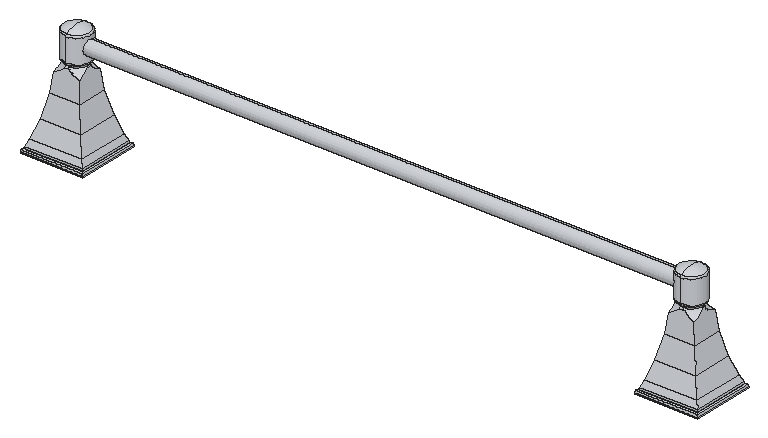
Revit family "Accessory-Towel_Bar-KOHLER-MEMOIRS-K-485T_1", category Specialty Equipment, host Face, Revit 2017
Family settings
  Host = Face
  Round Connector Dimension = Use Diameter
  Part Type = Normal
  OmniClass Number = 23.31.25.25
  OmniClass Title = Towel Bars
  Cut with Voids When Loaded = No
  Shared = No
  Room Calculation Point = No
Parameters (values of type "CP-Polished Chrome")
  Width = 18"  # constant formula
  WaterSense Certified = 1 = 0  # no
  URL = "http://www.kohler.com.cn/en/"
  Type = 1
  Product Page URL = "http://www.kohler.com.cn/product/K-485T-CP/K-485T-CP/"
  Product Name = "MEMOIRS"  # constant formula
  Product Documentation Link = "http://files.kohler.com.cn/pdfs/memoirs_acc.pdf"
  Model = if(Type = 1, "K-485T-CP", if(Type = 2, "K-485T-AF", if(Type = 3, "K-485T-BN", if(Type = 4, "K-485T-RGD", "NA"))))  # "K-485T-CP"
  Material = "Solid-brass construction"  # constant formula
  Master Format 2014 Name = "Toilet, Bath, and Laundry Accessories"  # constant formula
  Master Format 2014 = "10 28 00"  # constant formula
  Manufacturer Address = "158 Jiangchang 3rd Road Zhabei District Shanghai, 200436 China"  # constant formula
  Manufacturer = "KOHLER Co."  # constant formula
  Length = 3 5/16"  # constant formula
  Height = 1 27/32"  # constant formula
  Finish = Kohler-Metal-CP-Polished_Chrome
  Environmental Product Declaration = ""
  Description = "18 inch TOWEL BAR"  # constant formula
  Default Elevation = 42"
  Declare Label = ""
  Date Modified = "06/11/2020"  # constant formula
  Date Created = "06/11/2020"  # constant formula
  Copyright = "Copyright KOHLER Co."  # constant formula
  Contact Us = "http://www.kohler.com.cn/en/contact/contact-us/"
  Assembly Code = "C1030200"
  ADA Compliant = 1 = 0  # no
Types (5): name | Type | Product Page URL | Model | Finish
  (no name) | 1 | "http://www.kohler.com.cn/product/K-485T-CP/K-485T-CP/" | "K-485T-CP" | Kohler-Metal-CP-Polished_Chrome
  CP-Polished Chrome | 1 | "http://www.kohler.com.cn/product/K-485T-CP/K-485T-CP/" | "K-485T-CP" | Kohler-Metal-CP-Polished_Chrome
  AF-Flange Gold | 2 | "http://www.kohler.com.cn/product/K-485T-CP/K-485T-AF/" | "K-485T-AF" | Kohler-Metal-AF-Flange_Gold
  BN-Roman Silver | 3 | "http://www.kohler.com.cn/product/K-485T-CP/K-485T-BN/" | "K-485T-BN" | Kohler-Metal-BN-Roman_Silver
  RGD-Rose Gold | 4 | "http://www.kohler.com.cn/product/K-485T-CP/K-485T-RGD/" | "K-485T-RGD" | Kohler-Metal-RGD-Rose_Gold
Reference planes (in)
  plane 1 "Center (Front/Back)": y = 0
  plane 2: z = 0
  plane 3 "Center (Left/Right)": x = 0
  plane 4: y = 0.921875
  plane 5: y = -0.921875
  plane 6: x = -9.921875
  plane 7: x = -9
  plane 8: x = -8.078125
  plane 9: x = 9.921875
  plane 10: x = 9
  plane 11: x = 8.078125
  plane 12: z = 2.84375
  plane 13: z = 3.3125
  plane 14: y = 0.2189998
  plane 15: y = -0.2189998
  plane 16: z = 3.0627498
  plane 17: z = 2.6247502
  plane 18: z = 0.1094841
  plane 19: z = 2.3388088
Dimensions and locks (in)
  "Height": plane 5 to plane 4
  plane 6 to plane 8 = 1 27/32"
  plane 11 to plane 9 = 1 27/32"
  plane 12 to plane 2 = 2 27/32"
  plane 6 to plane 9 = 19 27/32"
  "Length": plane 13 to level
  "Width": plane 7 to plane 10
  locked: plane 9 to plane 6 at 19.84375
  aligned and locked: plane 2 to host face
  aligned and locked: level to host face
Automatic sketch dimensions
  host sketch curve to host sketch curve = 96"  (x2)
Nested families (in)
  nested 1: "K-485T" at (0, 0, 0), type "K-485T"
Definition of nested family "K-485T"
  Parameters (values of type "K-485T")
    Material = none
  Reference planes (in)
    plane 1 "Center (Front/Back)": y = 0
    plane 2: z = 0
    plane 3 "Center (Left/Right)": x = 0
    plane 4: z = 3.3125
    plane 5: x = -9
    plane 6: x = 9
    plane 7: x = -9.921875
    plane 8: y = 0.921875
    plane 9: z = 2.84375
    plane 10: x = -8.078125
    plane 11: x = 9.921875
    plane 12: x = 8.078125
    plane 13: y = -0.921875
  Forms (in)
    Sweep 1, solid, material <- "Material", detail levels medium+fine
      path origin (-9, 0, 0) x (1, 0, 0) y (0, 1, 0)
        loop
          line (-0.9375, 0.9375) -> (-0.9375, -0.9375) -> (0.9375, -0.9375) -> (0.9375, 0.9375) -> (-0.9375, 0.9375)
      profile origin (-9, 0.9375, 0) x (0, 1, 0) y (0, 0, 1)
        loop
          line (-0.015625, 0) -> (-0.015625, 0.0308228)
          arc (-0.015625, 0.0308228) -> (-0.0194042, 0.0625511) -> (-0.0305302, 0.0925039) r 0.1350774
          arc (-0.0305302, 0.0925039) -> (-0.0420434, 0.1049033) -> (-0.0583319, 0.1094841) r 0.03125
          line (-0.0583319, 0.1094841) -> (-0.0924999, 0.1094841) -> (-0.0924999, 0.1604858)
          arc (-0.0924999, 0.1604858) -> (-0.1323988, 0.2596282) -> (-0.1720269, 0.3588791) r 39.1568854
          arc (-0.1720269, 0.3588791) -> (-0.2640609, 0.6082146) -> (-0.3435635, 0.861824) r 5.3351777
          arc (-0.3435635, 0.861824) -> (-0.429626, 1.199728) -> (-0.4956288, 1.5421158) r 5.9152255
          arc (-0.4956288, 1.5421158) -> (-0.5464824, 1.9235867) -> (-0.5755753, 2.307331) r 6.7692959
          arc (-0.5755753, 2.307331) -> (-0.5857733, 2.3296774) -> (-0.6085763, 2.3388088) r 0.0330378
          line (-0.6085763, 2.3388088) -> (-0.6470109, 2.3388088) -> (-0.6470109, 0) -> (-0.015625, 0)
    Extrusion 2, solid, material <- "Material", detail levels medium+fine
      sketch origin (-9, 0, 0) x (1, 0, 0) y (0, 1, 0)
        loop
          line (-0.2904891, 0.2904891) -> (-0.2904891, -0.2904891) -> (0.2904891, -0.2904891) -> (0.2904891, 0.2904891) -> (-0.2904891, 0.2904891)
      from 0 to 2.3388088
    Revolve 3, solid, material <- "Material", detail levels medium+fine
      sketch origin (-9, 0, 0) x (0, 1, 0) y (0, 0, 1)
        loop
          line (0, 3.3125) -> (0, 2.3388088) -> (0.3159476, 2.3388088) -> (0.389461, 2.4264186)
          arc (0.389461, 2.4264186) -> (0.3972832, 2.4399671) -> (0.3999999, 2.4553739) r 0.0450464
          line (0.3999999, 2.4553739) -> (0.3999999, 3.1516697)
          arc (0.3999999, 3.1516697) -> (0.3930351, 3.1792993) -> (0.3738054, 3.2003259) r 0.0582867
          arc (0.3738054, 3.2003259) -> (0.1951368, 3.2838521) -> (0, 3.3125) r 0.6789156
        axis (0, 2.3388088) -> (0, 3.3125)
      angle from 0 to 360
    Extrusion 4, void
      sketch origin (-8.53125, 0.46875, 0) x (-0.707107, 0.707107, 0) y (0, 0, 1)
        loop
          line (-0.2662834, 2.3388088) -> (-0.6544034, 2.3388088) -> (-0.6544034, 2.0159477)
          arc (-0.6544034, 2.0159477) -> (-0.4423434, 2.1557399) -> (-0.2662834, 2.3388088) r 1.1459986
      from -0.9209866 to -0.3059403
    Extrusion 5, void
      sketch origin (-8.53125, 0.46875, 0) x (-0.707107, 0.707107, 0) y (0, 0, 1)
        loop
          arc (0.2681711, 2.3388088) -> (0.412761, 2.1551696) -> (0.6275326, 2.0629592) r 0.4739714
          line (0.6275326, 2.0629592) -> (0.6275326, 2.3388088) -> (0.2681711, 2.3388088)
      from -0.991863 to -0.3245184
    Extrusion 6, void
      sketch origin (-8.53125, -0.46875, 0) x (0.707107, 0.707107, 0) y (0, 0, 1)
        loop
          arc (0.2785653, 2.3388088) -> (0.4199105, 2.1538072) -> (0.634294, 2.0630118) r 0.4547203
          line (0.634294, 2.0630118) -> (0.634294, 2.3388088) -> (0.2785653, 2.3388088)
      from -1.0229913 to 0.1259123
    Extrusion 7, void
      sketch origin (-8.53125, -0.46875, 0) x (-0.707107, -0.707107, 0) y (0, 0, -1)
        loop
          line (0.2785653, -2.3388088) -> (0.634294, -2.3388088) -> (0.634294, -2.0630118)
          arc (0.634294, -2.0630118) -> (0.4199105, -2.1538072) -> (0.2785653, -2.3388088) r 0.4547203
      from -1.0229913 to 0.1259123
    Sweep 8, solid, material <- "Material", detail levels medium+fine
      path origin (9, 0, 0) x (-1, 0, 0) y (0, 1, 0)
        loop
          line (-0.9375, 0.9375) -> (-0.9375, -0.9375) -> (0.9375, -0.9375) -> (0.9375, 0.9375) -> (-0.9375, 0.9375)
      profile origin (9, 0.9375, 0) x (0, -1, 0) y (0, 0, 1)
        loop
          line (0.015625, 0) -> (0.6470109, 0) -> (0.6470109, 2.3388088) -> (0.6085763, 2.3388088)
          arc (0.6085763, 2.3388088) -> (0.5857733, 2.3296774) -> (0.5755753, 2.307331) r 0.0330378
          arc (0.5755753, 2.307331) -> (0.5464824, 1.9235867) -> (0.4956288, 1.5421158) r 6.7692959
          arc (0.4956288, 1.5421158) -> (0.429626, 1.199728) -> (0.3435635, 0.861824) r 5.9152255
          arc (0.3435635, 0.861824) -> (0.2640609, 0.6082146) -> (0.1720269, 0.3588791) r 5.3351777
          arc (0.1720269, 0.3588791) -> (0.1323988, 0.2596282) -> (0.0924999, 0.1604858) r 39.1568854
          line (0.0924999, 0.1604858) -> (0.0924999, 0.1094841) -> (0.0583319, 0.1094841)
          arc (0.0583319, 0.1094841) -> (0.0420434, 0.1049033) -> (0.0305302, 0.0925039) r 0.03125
          arc (0.0305302, 0.0925039) -> (0.0194042, 0.0625511) -> (0.015625, 0.0308228) r 0.1350774
          line (0.015625, 0.0308228) -> (0.015625, 0)
    Extrusion 9, solid, material <- "Material", detail levels medium+fine
      sketch origin (9, 0, 0) x (-1, 0, 0) y (0, -1, 0)
        loop
          line (-0.2904891, -0.2904891) -> (0.2904891, -0.2904891) -> (0.2904891, 0.2904891) -> (-0.2904891, 0.2904891) -> (-0.2904891, -0.2904891)
      from 0 to 2.3388088
    Revolve 10, solid, material <- "Material", detail levels medium+fine
      sketch origin (9, 0, 0) x (0, 1, 0) y (0, 0, -1)
        loop
          arc (0, -3.3125) -> (0.1952443, -3.2838198) -> (0.3739927, -3.2002023) r 0.6789156
          arc (0.3739927, -3.2002023) -> (0.3930852, -3.1793154) -> (0.3999999, -3.1518749) r 0.0579054
          line (0.3999999, -3.1518749) -> (0.3999999, -2.4556562)
          arc (0.3999999, -2.4556562) -> (0.3972364, -2.4399841) -> (0.3892795, -2.4262023) r 0.0458222
          line (0.3892795, -2.4262023) -> (0.3159476, -2.3388088) -> (0, -2.3388088) -> (0, -3.3125)
        axis (0, -2.3388088) -> (0, -3.3125)
      angle from 0 to 360
    Extrusion 11, void
      sketch origin (8.53125, 0.46875, 0) x (0.707107, 0.707107, 0) y (0, 0, -1)
        loop
          arc (-0.2662834, -2.3388088) -> (-0.4423434, -2.1557399) -> (-0.6544034, -2.0159477) r 1.1459986
          line (-0.6544034, -2.0159477) -> (-0.6544034, -2.3388088) -> (-0.2662834, -2.3388088)
      from -0.9209866 to -0.3059403
    Extrusion 12, void
      sketch origin (8.53125, 0.46875, 0) x (0.707107, 0.707107, 0) y (0, 0, -1)
        loop
          line (0.2681711, -2.3388088) -> (0.6275326, -2.3388088) -> (0.6275326, -2.0629592)
          arc (0.6275326, -2.0629592) -> (0.412761, -2.1551696) -> (0.2681711, -2.3388088) r 0.4739714
      from -0.991863 to -0.3245184
    Extrusion 13, void
      sketch origin (8.53125, -0.46875, 0) x (-0.707107, 0.707107, 0) y (0, 0, -1)
        loop
          line (0.2785653, -2.3388088) -> (0.634294, -2.3388088) -> (0.634294, -2.0630118)
          arc (0.634294, -2.0630118) -> (0.4199105, -2.1538072) -> (0.2785653, -2.3388088) r 0.4547203
      from -1.0229913 to 0.1259123
    Extrusion 14, void
      sketch origin (8.53125, -0.46875, 0) x (0.707107, -0.707107, 0) y (0, 0, 1)
        loop
          arc (0.2785653, 2.3388088) -> (0.4199105, 2.1538072) -> (0.634294, 2.0630118) r 0.4547203
          line (0.634294, 2.0630118) -> (0.634294, 2.3388088) -> (0.2785653, 2.3388088)
      from -1.0229913 to 0.1259123
    Revolve 15, solid, material <- "Material", detail levels medium+fine
      sketch origin (0, 0, 0) x (1, 0, 0) y (0, 0, 1)
        loop
          line (-8.7067798, 3.0627498) -> (-8.7067798, 2.84375) -> (8.7067798, 2.84375) -> (8.7067798, 3.0627498) -> (-8.7067798, 3.0627498)
        axis (8.7067798, 2.84375) -> (-8.7067798, 2.84375)
      angle from 0 to 360
    Extrusion 16, solid, material <- "Material", detail levels coarse
      sketch origin (0, 0, 0) x (1, 0, 0) y (0, 1, 0)
        loop
          line (9.921875, 0.921875) -> (8.078125, 0.921875) -> (8.078125, -0.921875) -> (9.921875, -0.921875) -> (9.921875, 0.921875)
        loop
          line (-8.078125, 0.921875) -> (-9.921875, 0.921875) -> (-9.921875, -0.921875) -> (-8.078125, -0.921875) -> (-8.078125, 0.921875)
      from 0 to 2.3388088
    Extrusion 17, solid, material <- "Material", detail levels coarse
      sketch origin (0, 0, 0) x (1, 0, 0) y (0, 1, 0)
        loop
          circle (-9, 0) r 0.3999999
        loop
          circle (9, 0) r 0.3999999
      from 2.3388088 to 3.3125
    Extrusion 18, solid, material <- "Material", detail levels coarse
      sketch origin (0, 0, 0) x (0, 1, 0) y (0, 0, 1)
        loop
          circle (0, 2.84375) r 0.2189998
      from -9 to 9
  Cuts and joins
    Extrusion 4, Extrusion 5, Extrusion 6, Extrusion 7, Extrusion 11, Extrusion 12, Extrusion 13, Extrusion 14 cuts Sweep 1
    Extrusion 4, Extrusion 5, Extrusion 6, Extrusion 7, Extrusion 11, Extrusion 12, Extrusion 13, Extrusion 14 cuts Extrusion 2
    Extrusion 11, Extrusion 12, Extrusion 13, Extrusion 14 cuts Revolve 3
    Extrusion 11, Extrusion 12, Extrusion 13, Extrusion 14 cuts Sweep 8
    Extrusion 11, Extrusion 12, Extrusion 13, Extrusion 14 cuts Extrusion 9
    Extrusion 11 cuts Revolve 10
    joined: Sweep 1, Extrusion 2, Revolve 3, Sweep 8, Extrusion 9, Revolve 10, Revolve 15
    joined: Extrusion 16, Extrusion 17, Extrusion 18
  Lines and regions (in)
    Masking region 1
      outline origin (0, 0, 0) x (1, 0, 0) y (0, 0, 1)
        loop
          line (9.921875, 0) -> (9.921875, 0.0308228)
          arc (9.921875, 0.0308228) -> (9.9154153, 0.0720949) -> (9.8947931, 0.1094841) r 0.1350774
          line (9.8947931, 0.1094841) -> (9.8450001, 0.1094841) -> (9.8450001, 0.1604858)
          arc (9.8450001, 0.1604858) -> (9.8051012, 0.2596282) -> (9.7654731, 0.3588791) r 39.1568854
          arc (9.7654731, 0.3588791) -> (9.6734391, 0.6082146) -> (9.5939365, 0.861824) r 5.3351777
          arc (9.5939365, 0.861824) -> (9.507874, 1.199728) -> (9.4418712, 1.5421158) r 5.9152255
          arc (9.4418712, 1.5421158) -> (9.3914272, 1.9196773) -> (9.3623005, 2.2994785) r 6.7692959
          arc (9.3623005, 2.2994785) -> (9.3476568, 2.3291999) -> (9.3159476, 2.3388088) r 0.0416195
          line (9.3159476, 2.3388088) -> (9.3886228, 2.4254197)
          arc (9.3886228, 2.4254197) -> (9.3970672, 2.4400457) -> (9.3999999, 2.4566779) r 0.0486291
          line (9.3999999, 2.4566779) -> (9.3999999, 3.1524195)
          arc (9.3999999, 3.1524195) -> (9.3932179, 3.1793582) -> (9.374489, 3.1998744) r 0.056893
          arc (9.374489, 3.1998744) -> (9.1955291, 3.2837342) -> (9, 3.3125) r 0.6789156
          arc (9, 3.3125) -> (8.8044709, 3.2837342) -> (8.625511, 3.1998744) r 0.6789156
          arc (8.625511, 3.1998744) -> (8.6067821, 3.1793582) -> (8.6000001, 3.1524195) r 0.056893
          line (8.6000001, 3.1524195) -> (8.6000001, 3.06275) -> (-8.6000001, 3.06275) -> (-8.6000001, 3.1524195)
          arc (-8.6000001, 3.1524195) -> (-8.6067821, 3.1793582) -> (-8.625511, 3.1998744) r 0.056893
          arc (-8.625511, 3.1998744) -> (-8.8044709, 3.2837342) -> (-9, 3.3125) r 0.6789156
          arc (-9, 3.3125) -> (-9.1955291, 3.2837342) -> (-9.374489, 3.1998744) r 0.6789156
          arc (-9.374489, 3.1998744) -> (-9.3932179, 3.1793582) -> (-9.3999999, 3.1524195) r 0.056893
          line (-9.3999999, 3.1524195) -> (-9.3999999, 2.4566779)
          arc (-9.3999999, 2.4566779) -> (-9.3970672, 2.4400457) -> (-9.3886228, 2.4254197) r 0.0486291
          line (-9.3886228, 2.4254197) -> (-9.3159476, 2.3388088)
          arc (-9.3159476, 2.3388088) -> (-9.3476568, 2.3291999) -> (-9.3623005, 2.2994785) r 0.0416195
          arc (-9.3623005, 2.2994785) -> (-9.3914272, 1.9196773) -> (-9.4418712, 1.5421158) r 6.7692959
          arc (-9.4418712, 1.5421158) -> (-9.507874, 1.199728) -> (-9.5939365, 0.861824) r 5.9152255
          arc (-9.5939365, 0.861824) -> (-9.6734391, 0.6082146) -> (-9.7654731, 0.3588791) r 5.3351777
          arc (-9.7654731, 0.3588791) -> (-9.8051012, 0.2596282) -> (-9.8450001, 0.1604858) r 39.1568854
          line (-9.8450001, 0.1604858) -> (-9.8450001, 0.1094841) -> (-9.8966542, 0.1094195)
          arc (-9.8966542, 0.1094195) -> (-9.9154153, 0.0720949) -> (-9.921875, 0.0308228) r 0.1350774
          line (-9.921875, 0.0308228) -> (-9.921875, 0) -> (-8.078125, 0) -> (-8.078125, 0.0308228)
          arc (-8.078125, 0.0308228) -> (-8.0845847, 0.0720949) -> (-8.1052069, 0.1094841) r 0.1350774
          line (-8.1052069, 0.1094841) -> (-8.1549999, 0.1094841) -> (-8.1549999, 0.1604858)
          arc (-8.1549999, 0.1604858) -> (-8.1948988, 0.2596282) -> (-8.2345269, 0.3588791) r 39.1568854
          arc (-8.2345269, 0.3588791) -> (-8.3265609, 0.6082146) -> (-8.4060635, 0.861824) r 5.3351777
          arc (-8.4060635, 0.861824) -> (-8.492126, 1.199728) -> (-8.5581288, 1.5421158) r 5.9152255
          arc (-8.5581288, 1.5421158) -> (-8.6085728, 1.9196773) -> (-8.6376995, 2.2994785) r 6.7692959
          arc (-8.6376995, 2.2994785) -> (-8.6523432, 2.3291999) -> (-8.6840524, 2.3388088) r 0.0416195
          line (-8.6840524, 2.3388088) -> (-8.6113772, 2.4254197)
          arc (-8.6113772, 2.4254197) -> (-8.6029328, 2.4400457) -> (-8.6000001, 2.4566779) r 0.0486291
          line (-8.6000001, 2.4566779) -> (-8.6000001, 2.6247512) -> (8.6000001, 2.6247512) -> (8.6000001, 2.4566779)
          arc (8.6000001, 2.4566779) -> (8.6029328, 2.4400457) -> (8.6113772, 2.4254197) r 0.0486291
          line (8.6113772, 2.4254197) -> (8.6840524, 2.3388088)
          arc (8.6840524, 2.3388088) -> (8.6523432, 2.3291999) -> (8.6376995, 2.2994785) r 0.0416195
          arc (8.6376995, 2.2994785) -> (8.6085728, 1.9196773) -> (8.5581288, 1.5421158) r 6.7692959
          arc (8.5581288, 1.5421158) -> (8.492126, 1.199728) -> (8.4060635, 0.861824) r 5.9152255
          arc (8.4060635, 0.861824) -> (8.3265609, 0.6082146) -> (8.2345269, 0.3588791) r 5.3351777
          arc (8.2345269, 0.3588791) -> (8.1948988, 0.2596282) -> (8.1549999, 0.1604858) r 39.1568854
          line (8.1549999, 0.1604858) -> (8.1549999, 0.1094841) -> (8.1033458, 0.1094195)
          arc (8.1033458, 0.1094195) -> (8.0845847, 0.0720949) -> (8.078125, 0.0308228) r 0.1350774
          line (8.078125, 0.0308228) -> (8.078125, 0) -> (9.921875, 0)
    Masking region 2
      outline origin (0, 0, 0) x (0, 1, 0) y (0, 0, 1)
        loop
          line (0.921875, 0) -> (0.921875, 0.0308228)
          arc (0.921875, 0.0308228) -> (0.9154154, 0.0720948) -> (0.8947931, 0.1094841) r 0.1350774
          line (0.8947931, 0.1094841) -> (0.8450001, 0.1094841) -> (0.8450001, 0.1604858)
          arc (0.8450001, 0.1604858) -> (0.8051012, 0.2596282) -> (0.7654731, 0.3588791) r 39.1568854
          arc (0.7654731, 0.3588791) -> (0.6734391, 0.6082146) -> (0.5939365, 0.861824) r 5.3351777
          arc (0.5939365, 0.861824) -> (0.507874, 1.199728) -> (0.4418712, 1.5421158) r 5.9152255
          arc (0.4418712, 1.5421158) -> (0.3913233, 1.9206672) -> (0.3622044, 2.3014669) r 6.7692959
          arc (0.3622044, 2.3014669) -> (0.3474535, 2.3305153) -> (0.3159476, 2.3388088) r 0.0397917
          line (0.3159476, 2.3388088) -> (0.3882738, 2.4250037)
          arc (0.3882738, 2.4250037) -> (0.3969772, 2.4400785) -> (0.3999999, 2.4572208) r 0.0501209
          line (0.3999999, 2.4572208) -> (0.3999999, 3.1442056)
          arc (0.3999999, 3.1442056) -> (0.3891824, 3.1844428) -> (0.3596465, 3.2138314) r 0.0802429
          arc (0.3596465, 3.2138314) -> (0.1860851, 3.2859901) -> (0, 3.3125) r 0.7463826
          arc (0, 3.3125) -> (-0.1860851, 3.2859901) -> (-0.3596465, 3.2138314) r 0.7463826
          arc (-0.3596465, 3.2138314) -> (-0.3891824, 3.1844428) -> (-0.3999999, 3.1442056) r 0.0802429
          line (-0.3999999, 3.1442056) -> (-0.3999999, 2.4572208)
          arc (-0.3999999, 2.4572208) -> (-0.3969772, 2.4400785) -> (-0.3882738, 2.4250037) r 0.0501209
          line (-0.3882738, 2.4250037) -> (-0.3159476, 2.3388088)
          arc (-0.3159476, 2.3388088) -> (-0.3474535, 2.3305153) -> (-0.3622044, 2.3014669) r 0.0397917
          arc (-0.3622044, 2.3014669) -> (-0.3913233, 1.9206672) -> (-0.4418712, 1.5421158) r 6.7692959
          arc (-0.4418712, 1.5421158) -> (-0.507874, 1.199728) -> (-0.5939365, 0.861824) r 5.9152255
          arc (-0.5939365, 0.861824) -> (-0.6734391, 0.6082146) -> (-0.7654731, 0.3588791) r 5.3351777
          arc (-0.7654731, 0.3588791) -> (-0.8051012, 0.2596282) -> (-0.8450001, 0.1604858) r 39.1568854
          line (-0.8450001, 0.1604858) -> (-0.8450001, 0.1094841) -> (-0.8966543, 0.1094193)
          arc (-0.8966543, 0.1094193) -> (-0.9154154, 0.0720948) -> (-0.921875, 0.0308228) r 0.1350774
          line (-0.921875, 0.0308228) -> (-0.921875, 0) -> (0.921875, 0)
    Masking region 3
      outline origin (0, 0, 0) x (1, 0, 0) y (0, 1, 0)
        loop
          line (-9.921875, 0.921875) -> (-9.921875, -0.921875) -> (-8.078125, -0.921875) -> (-8.078125, -0.218994) -> (8.078125, -0.218994) -> (8.078125, -0.921875) -> (9.921875, -0.921875) -> (9.921875, 0.921875) -> (8.078125, 0.921875) -> (8.078125, 0.2189998) -> (-8.078125, 0.2189998) -> (-8.078125, 0.921875) -> (-9.921875, 0.921875)
    symbolic lines, detail levels medium+fine
      curve 1: line (9.8450001, 0, 0.1094841) -> (8.1549999, 0, 0.1094841)
      curve 2: line (9.8450001, 0, 0.1604858) -> (8.1549999, 0, 0.1604858)
      curve 3: line (9.3159476, 0, 2.3388088) -> (8.6840524, 0, 2.3388088)
      curve 4: line (-8.6840524, 0, 2.3388088) -> (-9.3159476, 0, 2.3388088)
      curve 5: line (-8.1549999, 0, 0.1604858) -> (-9.8450001, 0, 0.1604858)
      curve 6: line (-9.8450001, 0, 0.1094841) -> (-8.1549999, 0, 0.1094841)
      curve 7: arc (-8.8237312, 0, 2.207536) -> (-8.7256328, 0, 2.1424336) -> (-8.6215408, 0, 2.0874205) r 1.1811896
      curve 8: arc (-8.949901, 0, 2.307331) -> (-8.8876504, 0, 2.2563787) -> (-8.8237312, 0, 2.207536) r 2.4058795
      curve 9: arc (-8.9642976, 0, 2.325483) -> (-8.957999, 0, 2.3156934) -> (-8.949901, 0, 2.307331) r 0.058999
      curve 10: arc (-8.9549499, 0, 2.3388088) -> (-8.9636386, 0, 2.3349622) -> (-8.9642976, 0, 2.325483) r 0.0092054
      curve 11: arc (-9.1762688, 0, 2.207536) -> (-9.2743672, 0, 2.1424336) -> (-9.3784592, 0, 2.0874205) r 1.1811896
      curve 12: arc (-9.050099, 0, 2.307331) -> (-9.1123496, 0, 2.2563787) -> (-9.1762688, 0, 2.207536) r 2.4058795
      curve 13: arc (-9.0357024, 0, 2.325483) -> (-9.042001, 0, 2.3156934) -> (-9.050099, 0, 2.307331) r 0.058999
      curve 14: arc (-9.0450501, 0, 2.3388088) -> (-9.0363614, 0, 2.3349622) -> (-9.0357024, 0, 2.325483) r 0.0092054
      curve 15: arc (8.8237312, 0, 2.207536) -> (8.7256328, 0, 2.1424336) -> (8.6215408, 0, 2.0874205) r 1.1811896
      curve 16: arc (8.949901, 0, 2.307331) -> (8.8876504, 0, 2.2563787) -> (8.8237312, 0, 2.207536) r 2.4058795
      curve 17: arc (8.9642976, 0, 2.325483) -> (8.957999, 0, 2.3156934) -> (8.949901, 0, 2.307331) r 0.058999
      curve 18: arc (8.9549499, 0, 2.3388088) -> (8.9636386, 0, 2.3349622) -> (8.9642976, 0, 2.325483) r 0.0092054
      curve 19: arc (9.1762688, 0, 2.207536) -> (9.2743672, 0, 2.1424336) -> (9.3784592, 0, 2.0874205) r 1.1811896
      curve 20: arc (9.050099, 0, 2.307331) -> (9.1123496, 0, 2.2563787) -> (9.1762688, 0, 2.207536) r 2.4058795
      curve 21: arc (9.0357024, 0, 2.325483) -> (9.042001, 0, 2.3156934) -> (9.050099, 0, 2.307331) r 0.058999
      curve 22: arc (9.0450501, 0, 2.3388088) -> (9.0363614, 0, 2.3349622) -> (9.0357024, 0, 2.325483) r 0.0092054
      curve 23: line (0, 0.8450001, 0.1094841) -> (0, -0.8450001, 0.1094841)
      curve 24: line (0, 0.8450001, 0.1604858) -> (0, -0.8450001, 0.1604858)
      curve 25: line (0, 0.3159476, 2.3388088) -> (0, -0.3159476, 2.3388088)
      curve 26: arc (0, 0.2625544, 2.134131) -> (0, 0.3202925, 2.1109211) -> (0, 0.3785295, 2.0889928) r 2.8157092
      curve 27: arc (0, 0.1485569, 2.2055196) -> (0, 0.2025823, 2.1650774) -> (0, 0.2625544, 2.134131) r 0.406482
      curve 28: arc (0, 0.0652079, 2.2892424) -> (0, 0.1055856, 2.24609) -> (0, 0.1485569, 2.2055196) r 0.9543026
      curve 29: arc (0, 0.0468935, 2.3232548) -> (0, 0.0541097, 2.3052035) -> (0, 0.0652079, 2.2892424) r 0.0857179
      curve 30: arc (0, 0.0584802, 2.3388088) -> (0, 0.0488969, 2.333855) -> (0, 0.0468935, 2.3232548) r 0.0123129
      curve 31: arc (0, -0.2625544, 2.134131) -> (0, -0.3202925, 2.1109211) -> (0, -0.3785295, 2.0889928) r 2.8157092
      curve 32: arc (0, -0.1485569, 2.2055196) -> (0, -0.2025823, 2.1650774) -> (0, -0.2625544, 2.134131) r 0.406482
      curve 33: arc (0, -0.0652079, 2.2892424) -> (0, -0.1055856, 2.24609) -> (0, -0.1485569, 2.2055196) r 0.9543026
      curve 34: arc (0, -0.0468935, 2.3232548) -> (0, -0.0541097, 2.3052035) -> (0, -0.0652079, 2.2892424) r 0.0857179
      curve 35: arc (0, -0.0584802, 2.3388088) -> (0, -0.0488969, 2.333855) -> (0, -0.0468935, 2.3232548) r 0.0123129
      curve 36: line (-9.8450001, 0.8450001, 0) -> (-8.1549999, 0.8450001, 0)
      curve 37: line (-8.1549999, 0.8450001, 0) -> (-8.1549999, 0.2189998, 0)
      curve 38: line (-8.1549999, -0.8450001, 0) -> (-9.8450001, -0.8450001, 0)
      curve 39: line (-9.8450001, -0.8450001, 0) -> (-9.8450001, 0.8450001, 0)
      curve 40: line (-9.3758118, 0.3758118, 0) -> (-9.921875, 0.921875, 0)
      curve 41: line (-8.6241882, 0.3758118, 0) -> (-8.078125, 0.921875, 0)
      curve 42: line (-8.6241882, -0.3758118, 0) -> (-8.078125, -0.921875, 0)
      curve 43: line (-9.3759652, -0.3760741, 0) -> (-9.9217662, -0.921875, 0)
      curve 44: line (8.1549999, 0.8450001, 0) -> (9.8450001, 0.8450001, 0)
      curve 45: line (9.8450001, 0.8450001, 0) -> (9.8450001, -0.8450001, 0)
      curve 46: line (9.8450001, -0.8450001, 0) -> (8.1549999, -0.8450001, 0)
      curve 47: line (8.078125, -0.921875, 0) -> (8.6239032, -0.3760968, 0)
      curve 48: line (9.921875, -0.921875, 0) -> (9.3760843, -0.3760843, 0)
      curve 49: line (9.921875, 0.921875, 0) -> (9.3758118, 0.3758118, 0)
      curve 50: line (8.078125, 0.921875, 0) -> (8.6241882, 0.3758118, 0)
      curve 51: arc (-9.3758118, 0.3758118, 0) -> (-9.2690024, 0.3697416, 0) -> (-9.1620976, 0.3656833, 0) r 5.6823853
      curve 52: arc (-9.3758118, 0.3758118, 0) -> (-9.3685206, 0.2713439, 0) -> (-9.3635909, 0.1667379, 0) r 4.6361377
      curve 53: arc (-8.6241882, 0.3758118, 0) -> (-8.6294863, 0.2974426, 0) -> (-8.6335504, 0.2189998, 0) r 4.9908899
      curve 54: arc (-9.3759652, -0.3760741, 0) -> (-9.2718764, -0.3683906, 0) -> (-9.1676346, -0.3631784, 0) r 4.3995125
      curve 55: circle (-9, 0, 0) r 0.3999999 normal (0, 0, 1)
      curve 56: arc (-8.8379024, 0.3656833, 0) -> (-8.7309976, 0.3697416, 0) -> (-8.6241882, 0.3758118, 0) r 5.6823853
      curve 57: arc (-9.3636451, -0.1666198, 0) -> (-9.3686201, -0.2714166, 0) -> (-9.3759652, -0.3760741, 0) r 4.6361377
      curve 58: arc (-8.8323756, -0.3631831, 0) -> (-8.7281956, -0.3683944, 0) -> (-8.6241684, -0.3760741, 0) r 4.3995125
      curve 59: arc (-8.6335506, -0.218994, 0) -> (-8.6294865, -0.2974397, 0) -> (-8.6241882, -0.3758118, 0) r 4.9908899
      curve 60: line (-8.1549999, -0.218994, 0) -> (-8.1549999, -0.8450001, 0)
      curve 61: line (-8.0625, 0.2189998, 0) -> (-8.6652777, 0.2189998, 0)
      curve 62: line (-8.0625, -0.218994, 0) -> (-8.665274, -0.218994, 0)
      curve 63: arc (9.3758118, 0.3758118, 0) -> (9.2690024, 0.3697416, 0) -> (9.1620976, 0.3656833, 0) r 5.6823853
      curve 64: arc (9.3758118, 0.3758118, 0) -> (9.3685206, 0.2713439, 0) -> (9.3635909, 0.1667379, 0) r 4.6361377
      curve 65: arc (8.6241882, 0.3758118, 0) -> (8.6294863, 0.2974426, 0) -> (8.6335504, 0.2189998, 0) r 4.9908899
      curve 66: arc (9.3760843, -0.3760843, 0) -> (9.271936, -0.3683942, 0) -> (9.1676346, -0.3631784, 0) r 4.3995125
      curve 67: circle (9, 0, 0) r 0.3999999 normal (0, 0, -1)
      curve 68: arc (8.8379024, 0.3656833, 0) -> (8.7309976, 0.3697416, 0) -> (8.6241882, 0.3758118, 0) r 5.6823853
      curve 69: arc (9.3636451, -0.1666198, 0) -> (9.3686201, -0.2714166, 0) -> (9.3759652, -0.3760741, 0) r 4.6361377
      curve 70: arc (8.8323756, -0.3631831, 0) -> (8.7280628, -0.3684026, 0) -> (8.6239032, -0.3760968, 0) r 4.3995125
      curve 71: arc (8.6335506, -0.218994, 0) -> (8.6294865, -0.2974397, 0) -> (8.6241882, -0.3758118, 0) r 4.9908899
      curve 72: line (8.0625, 0.2189998, 0) -> (8.6652777, 0.2189998, 0)
      curve 73: line (8.0625, -0.218994, 0) -> (8.665274, -0.218994, 0)
      curve 74: line (0, 0.3999999, 3.1442056) -> (0, -0.3999999, 3.1442056)
      curve 75: line (-9.3999999, 0, 3.1524195) -> (-8.6000001, 0, 3.1524195)
      curve 76: line (-9.3999999, 0, 2.4566779) -> (-8.6000001, 0, 2.4566779)
      curve 77: arc (-8.6000001, 0, 3.0627498) -> (-8.6707595, 0, 2.84375) -> (-8.6000001, 0, 2.6247502) r 0.3742814
      curve 78: line (9.3999999, 0, 3.1524195) -> (8.6000001, 0, 3.1524195)
      curve 79: line (9.3999999, 0, 2.4566779) -> (8.6000001, 0, 2.4566779)
      curve 80: arc (8.6000001, 0, 3.0627498) -> (8.6707595, 0, 2.84375) -> (8.6000001, 0, 2.6247502) r 0.3742814
      curve 81: line (0, 0.3999999, 2.4572208) -> (0, -0.3999999, 2.4572208)
      curve 82: line (8.1549999, 0.8450001, 0) -> (8.1549999, 0.2189998, 0)
      curve 83: line (8.1549999, -0.218994, 0) -> (8.1549999, -0.8450001, 0)
  Dimensions and locks (in)
    aligned and locked: plane 2 to level
